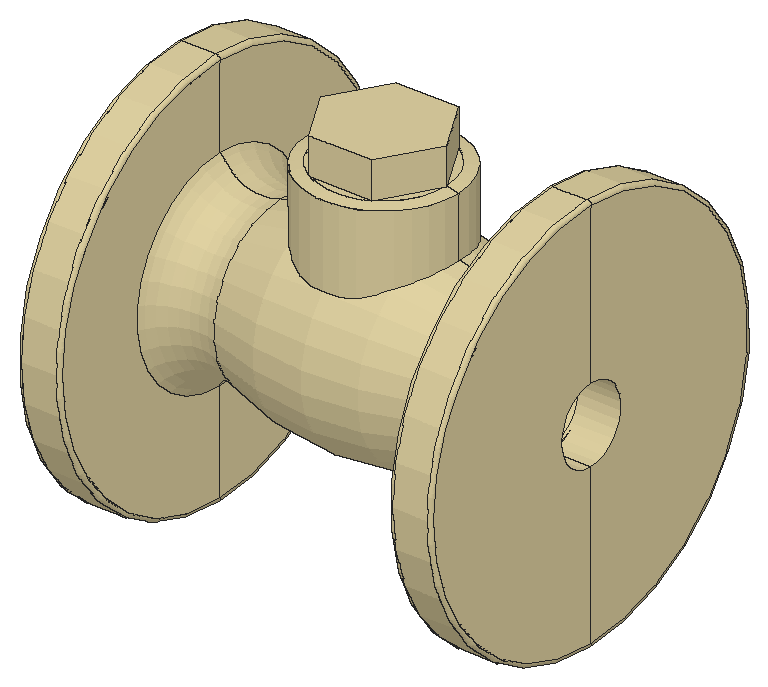
Revit family "DA04340000", category Apparecchi idraulici, Revit 2020
Family settings
  Quota connettore circolare = Usa diametro
  Tipo di parte = Normale
  Numero OmniClass = 23.45.00.00
  Titolo OmniClass = Sanitary, Laundry, and Cleaning Equipment
  Basato su piano di lavoro = No
  Sempre verticale = Sì
  Taglio con vuoti quando caricato = No
  Condiviso = No
  Punto di calcolo locali = No
Parameters
  URL = "https://web.cimberio.com/index.php/figura/689?subcategoria_id=35"
  Temperatura di esercizio = "-10 ÷ 170°C"
  Prospetto di default = 0 mm
  Produttore = "CIMBERIO SPA"
  Pressione nominale = "PN 16"
  Modello = "Cim 79PN6"
  Materiale = "Prodotto in lega di bronzo conforme alla norma EN 1982-CC491K"
  Descrizione = "Utilizzato nei più svariati settori dell'impiantistica in condutture anti-ritorno per: reti di distribuzione acqua potabile, impianti di riscaldamento, condizionamento, igienico-sanitari e distribuzione idrocarburi"
  DN Model [instance] = DA04343110 : DA04343110
  DN [instance] = 15 mm
  Commenti sul tipo = "Realizzato in ottemperanza ai requisiti gestionali della norma EN ISO 9001.\r\nCollaudato al 100% secondo la normativa EN 12266-1"
Reference planes
  plane 1 "Centro (Fronte/Retro)": y = 0
  plane 2: z = 0
  plane 3 "Centro (Sinistra/Destra)": x = 0
Dimensions and locks
  aligned and locked: level to plane 2
Nested families
  nested 1: "DA04343110" at (0, 0, 0), type <- "DN Model", type "DA04343110"
  nested 2: "DA04343110" at (0, 0, 0), type <- "DN Model", type "DA04343110"
  nested 3: "DA04343110" at (0, 0, 0), type <- "DN Model", type "DA04343110"
  nested 4: "DA04343110" at (0, 0, 0), type <- "DN Model", type "DA04343110"
  nested 5: "DA04343110" at (0, 0, 0), type <- "DN Model", type "DA04343110"
  nested 6: "DA04343110" at (0, 0, 0), type <- "DN Model", type "DA04343110"
  nested 7: "DA04343110" at (0, 0, 0), type <- "DN Model", type "DA04343110"
  nested 8: "DA04343110" at (0, 0, 0), type <- "DN Model", type "DA04343110"
  nested 9: "DA04343110" at (0, 0, 0), type <- "DN Model", type "DA04343110"
Connectors
  piping at (41.407, 0, 0), diameter 15, driven by "DN"
    settings: on nested 1, index 1, connector inside diameter 609.6 mm, connector length 0 mm, flow factor 0, pipe flow 0.0 L/s, pressure drop 0.0 Pa, fitting loss kfactor 0, connector angle 0.00°, fixture units 0, engagement length 0 mm, angle of deflection 0.00°, flow configuration 0, flow direction 0, fitting loss method 0, system type 7, joint type 0, gender type 0, connector reference index -1, connector utility 0, adjustable connector no, is connector primary yes, connector description ""
  piping at (-41.232, 0, 0), diameter 15, driven by "DN"
    settings: on nested 1, index 2, connector inside diameter 609.6 mm, connector length 0 mm, flow factor 0, pipe flow 0.0 L/s, pressure drop 0.0 Pa, fitting loss kfactor 0, connector angle 0.00°, fixture units 0, engagement length 0 mm, angle of deflection 0.00°, flow configuration 0, flow direction 0, fitting loss method 0, system type 7, joint type 0, gender type 0, connector reference index -1, connector utility 0, adjustable connector no, is connector primary no, connector description ""
Definition of nested family "DA04343110"
  Parameters (values of type "DA04313110")
    Default Elevation = 0 mm
  Reference planes
    plane 1 "Centro (Fronte/Retro)": y = 0
    plane 2: z = 0
    plane 3 "Centro (Sinistra/Destra)": x = 0
  Forms (mm)
    Revolve 1, solid
      sketch origin (0, 0, 0) x (1, 0, 0) y (0, 0, 1)
        loop
          line (33.343, -7.5) -> (-32.983, -7.5) -> (-32.983, -19.288)
          arc (-32.983, -19.288) -> (-27.734, -14.585) -> (-20.687, -14.614) r 9.811
          arc (-20.687, -14.614) -> (0, -18.5) -> (20.687, -14.614) r 57
          arc (20.687, -14.614) -> (28.136, -14.748) -> (33.343, -20.077) r 9.811
          line (33.343, -20.077) -> (33.343, -7.5)
        axis (-32.983, 2) -> (33.343, 2)
      angle from 0 to 360
    Revolve 2, solid
      sketch origin (0, 0, 0) x (1, 0, 0) y (0, 0, 1)
        loop
          line (-15, 4.172) -> (0, 4.172) -> (0, 32.573) -> (-12.5, 32.573) -> (-15, 32.132) -> (-15, 4.172)
        axis (0, 32.573) -> (0, 4.172)
      angle from 0 to 360
    Extrusion 3, solid
      sketch origin (0, 0, 0) x (0, -1, 0) y (1, 0, 0)
        loop
          line (0, 12.5) -> (-10.825, 6.25) -> (-10.825, -6.25) -> (0, -12.5) -> (10.825, -6.25) -> (10.825, 6.25) -> (0, 12.5)
      from 32.132 to 39.804
    Revolve 4, solid
      sketch origin (-6.732, 0, 0) x (1, 0, 0) y (0, 0, 1)
        loop
          line (-34.5, 39.192) -> (-34.5, 7.5) -> (-26, 7.5) -> (-26, 39.165)
          arc (-26, 39.165) -> (-26.244, 39.756) -> (-26.835, 40) r 0.835
          line (-26.835, 40) -> (-33.692, 40)
          arc (-33.692, 40) -> (-34.263, 39.763) -> (-34.5, 39.192) r 0.808
        axis (-34.5, 0) -> (-26, 0)
      angle from 0 to 360
    Revolve 5, solid
      sketch origin (6.907, 0, 0) x (-1, 0, 0) y (0, 0, 1)
        loop
          line (-34.5, 39.192) -> (-34.5, 7.5) -> (-26, 7.5) -> (-26, 39.165)
          arc (-26, 39.165) -> (-26.244, 39.756) -> (-26.835, 40) r 0.835
          line (-26.835, 40) -> (-33.692, 40)
          arc (-33.692, 40) -> (-34.263, 39.763) -> (-34.5, 39.192) r 0.808
        axis (-34.5, 0) -> (-26, 0)
      angle from 0 to 360
  Dimensions and locks
    aligned and locked: level to plane 2
